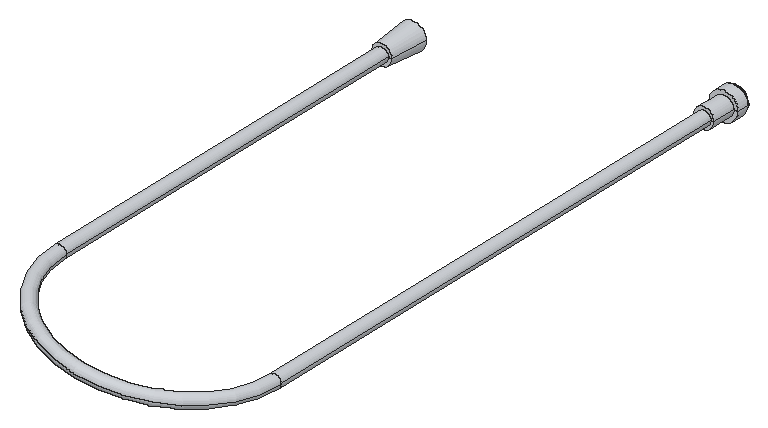
Revit family "Shower-Shower_Hose-KOHLER-K-12067BR_1", category Plumbing Fixtures, host Face, Revit 2017
Family settings
  Host = Face
  Round Connector Dimension = Use Diameter
  Part Type = Normal
  OmniClass Number = 23.31.17.00
  OmniClass Title = Showers
  Cut with Voids When Loaded = No
  Shared = No
  Room Calculation Point = No
Parameters (values of type "CP-Polished Chrome")
  Width = 1/2"  # constant formula
  WaterSense Certified = 1 = 0  # no
  Waste Water Outlet = "Waste Water Outlet"  # constant formula
  Waste Connection = 1 = 0  # no
  Vent Connection = 1 = 0  # no
  URL = "https://br.kohler.com/"
  Type = 1
  Tempered Water Supply2 = "Tempered Water Supply2"  # constant formula
  Tempered Water Supply1 = "Tempered Water Supply1"  # constant formula
  Product Page URL = "https://br.kohler.com/product-detail/12067br?skuid=K-12067BR-CP"
  Product Name = ""
  Product Documentation Link = "http://resources.kohler.com/plumbing/kohlerbrazil/pdf/K-12067BR_spec_br.pdf"
  Model = if(Type = 1, "K-12067BR-CP", if(Type = 2, "K-12067BR-BN", if(Type = 3, "K-12067BR-SN", if(Type = 4, "K-12067BR-RGD", "NA"))))  # "K-12067BR-CP"
  Material = "Premium Metal Construction"  # constant formula
  MasterFormat 2004 = "22.41.23"  # constant formula
  MasterFormat 1995 = "15410"  # constant formula
  Manufacturer Address = "Rio de Janeiro MULTIREPAROS RUA BATISTA DA COSTA, Nº 352 | STORE B Rio de Janeiro SÃO GONÇALO 24450-470"  # constant formula
  Manufacturer = "KOHLER Co."  # constant formula
  Length = 59 1/16"  # constant formula
  Hot Water Inlet = "Hot Water Inlet"  # constant formula
  Height = Length  # 59 1/16"
  HW Connection = 1 = 1  # yes
  Finish = Kohler-Metal-CP-Polished_Chrome
  Environmental Product Declaration = ""
  Drain Included = 1 = 0  # no
  Distance Between Connectors [instance] = 8"
  Description = "Metal flexible for hand shower"  # constant formula
  Default Elevation = 15"
  Declare Label = ""
  Date Modified = "09/01/2021"  # constant formula
  Date Created = "09/01/2021"  # constant formula
  Copyright = "Copyright KOHLER Co."  # constant formula
  Contact Us = "https://br.kohler.com/asr-listing"
  Connector1 Distance From Wall [instance] = 4"
  Connector2 Distance From Wall [instance] = 5 1/2"
  Connector 2 Length [instance] = 15"
  Connector 1 Length [instance] = 20"
  Cold Water Inlet = "Cold Water Inlet"  # constant formula
  CW Connection = 1 = 0  # no
  Assembly Code = "D2010700"
  ADA Compliant = 1 = 0  # no
Types (5): name | Type | Product Page URL | Model | Finish
  (no name) | 1 | "https://br.kohler.com/product-detail/12067br?skuid=K-12067BR-CP" | "K-12067BR-CP" | Kohler-Metal-CP-Polished_Chrome
  CP-Polished Chrome | 1 | "https://br.kohler.com/product-detail/12067br?skuid=K-12067BR-CP" | "K-12067BR-CP" | Kohler-Metal-CP-Polished_Chrome
  BN-Vibrant Brushed Nickel | 2 | "https://br.kohler.com/product-detail/12067br?skuid=K-12067BR-BN" | "K-12067BR-BN" | Kohler-Metal-BN-Vibrant_Brushed_Nickel
  SN-Vibrant Polished Nickel | 3 | "https://br.kohler.com/product-detail/12067br?skuid=K-12067BR-SN" | "K-12067BR-SN" | Kohler-Metal-SN-Vibrant_Polished_Nickel
  RGD-Polished Rose Gold | 4 | "https://br.kohler.com/product-detail/12067br?skuid=K-12067BR-RGD" | "K-12067BR-RGD" | Kohler-Metal-RGD-Polished_Rose_Gold
Reference planes (in)
  plane 1 "Center (Front/Back)": y = 0
  plane 2: z = 0
  plane 3 "Center (Left/Right)": x = 0
  plane 4: x = -8
  plane 5: y = 15
  plane 6: y = 20
  plane 7: y = 21.4375
  plane 8: y = 16.4375
  plane 9: z = 5.5
  plane 10: z = 4
  plane 11: x = -4
Dimensions and locks (in)
  "Connector 2 Length": plane 1 "Center (Front/Back)" to plane 5
  "Connector 1 Length": plane 1 "Center (Front/Back)" to plane 6
  "Distance Between Connectors": plane 4 to plane 3 "Center (Left/Right)"
  locked: plane 6 to plane 7 at 1.4375
  locked: plane 5 to plane 8 at 1.4375
  "Connector2 Distance From Wall": plane 9 to level
  "Connector1 Distance From Wall": plane 10 to level
  equal spacing: plane 4, plane 11, plane 3 "Center (Left/Right)"
  aligned and locked: plane 2 to host face
  aligned and locked: level to host face
Automatic sketch dimensions
  host sketch curve to host sketch curve = 96"  (x2)
Nested families (in)
  nested 1: "K-12067BR" at (0, 0, 0), Connector Length1 <- "Connector 1 Length", Connector Length2 <- "Connector 2 Length", Dist Between Connector <- "Distance Between Connectors", Dist Form Wall1 <- "Connector2 Distance From Wall", Dist Form Wall2 <- "Connector1 Distance From Wall", type "K-12067BR"
    with Dist Form Wall2 4", Dist Form Wall1 5 1/2", Dist Between Connector 8", Connector Length2 15", Connector Length1 20"
Connectors (in)
  piping at (0, 21.4375, 4), diameter 0.5, driven by "HW Connection", driven by "Tempered Water Supply1"
    settings: on nested 1, index 1, connector inside diameter 24", connector length 0", flow factor 0, pipe flow 0 GPM, pressure drop 0.00 psi, fitting loss kfactor 0, connector angle 0.00°, fixture units 0, engagement length 0", angle of deflection 0.00°, flow configuration 0, flow direction 0, fitting loss method 0, system type 19, joint type 0, gender type 0, connector reference index -1, connector utility 1, adjustable connector no, is connector primary yes, connector description "Tempered Water Supply1"
  piping at (-8, 16.4375, 5.5), diameter 0.5, driven by "HW Connection", driven by "Tempered Water Supply2"
    settings: on nested 1, index 2, connector inside diameter 24", connector length 0", flow factor 0, pipe flow 0 GPM, pressure drop 0.00 psi, fitting loss kfactor 0, connector angle 0.00°, fixture units 0, engagement length 0", angle of deflection 0.00°, flow configuration 0, flow direction 0, fitting loss method 0, system type 19, joint type 0, gender type 0, connector reference index -1, connector utility 1, adjustable connector no, is connector primary no, connector description "Tempered Water Supply2"
Definition of nested family "K-12067BR"
  Parameters (values of type "K-12067BR")
    Pipe Material = none
    Material = none
    Hose = yes
    Dist Form Wall2 [instance] = 5 1/2"
    Dist Form Wall1 [instance] = 4"
    Dist Between Connector [instance] = 6"
    Connector Length2 [instance] = 12"
    Connector Length1 [instance] = 15"
  Reference planes (in)
    plane 1 "Center (Front/Back)": y = 0
    plane 2: z = 0
    plane 3 "Center (Left/Right)": x = 0
    plane 4: y = 12
    plane 5: y = 15
    plane 6: x = -6
    plane 7 "D1": z = 4
    plane 8 "D2": z = 5.5
  Forms (in)
    Revolve 1, solid, material <- "Material"
      sketch origin (0, 0, 4) x (-1, 0, 0) y (0, -1, 0)
        loop
          line (5.625, -12) -> (5.5, -13.4375) -> (6, -13.4375) -> (6, -12) -> (5.625, -12)
        axis (6, -13.4375) -> (6, -12)
      angle from 0 to 360
    Revolve 2, solid, material <- "Material"
      sketch origin (0, 0, 5.5) x (-1, 0, 0) y (0, -1, 0)
        loop
          line (-0.375, -15) -> (-0.375, -15.90612) -> (-0.53148, -15.90612) -> (-0.53148, -16.36072) -> (-0.5, -16.36072) -> (-0.5, -16.4375) -> (0, -16.4375) -> (0, -15) -> (-0.375, -15)
        axis (0, -16.4375) -> (0, -15)
      angle from 0 to 360
    Sweep 3, solid, material <- "Material"
      path origin (0, 0, 4) x (-1, 0, 0) y (0, -1, 0)
        loop
          line (6, -12) -> (6, 0)
      profile origin (-6, 6, 4) x (1, 0, 0) y (0, 0, 1)
        loop
          circle (0, 0) r 0.25
    Sweep 4, solid, material <- "Material"
      path origin (0, 0, 5.5) x (-1, 0, 0) y (0, -1, 0)
        loop
          line (0, -15) -> (0, 0)
      profile origin (0, 7.5, 5.5) x (1, 0, 0) y (0, 0, 1)
        loop
          circle (0, 0) r 0.25
    Sweep 5, solid, material <- "Material"
      path origin (0, 0, 5.5) x (-0.970143, 0, -0.242536) y (0, -1, 0)
        loop
          arc (6.18466, 0) -> (3.09233, 3.09233) -> (0, 0) r 3.09233
      profile origin (0, 0, 5.5) x (-0.970143, 0, -0.242536) y (-0.242536, 0, 0.970143)
        loop
          circle (0, 0) r 0.25
  Cuts and joins
    joined: Sweep 3, Sweep 4, Sweep 5
  Lines and regions (in)
    reference lines
      curve 1: line (0, 0, 5.5) -> (-6, 0, 4)
  Dimensions and locks (in)
    "Connector Length2": plane 1 "Center (Front/Back)" to plane 4
    "Connector Length1": plane 5 to plane 1 "Center (Front/Back)"
    "Dist Between Connector": plane 6 to plane 3 "Center (Left/Right)"
    locked: plane 6 to Revolve 1 sketch curve at 0.375
    locked: plane 3 "Center (Left/Right)" to Revolve 2 sketch curve at 0.5
    locked: plane 3 "Center (Left/Right)" to Revolve 2 sketch curve at 0.375
    "Dist Form Wall1": plane 7 "D1" to level
    "Dist Form Wall2": plane 8 "D2" to level
    locked: Revolve 2 sketch curve to Revolve 2 sketch curve at 1.4375
    locked: Revolve 1 sketch curve to Revolve 1 sketch curve at 1.4375
    locked: plane 6 to Revolve 1 sketch curve at 0.5
    aligned and locked: plane 2 to level
    aligned and locked: Revolve 1 sketch curve to plane 6
    aligned and locked: plane 6 to Revolve 1 sketch curve
    aligned and locked: Revolve 1 sketch curve to plane 4
    aligned and locked: plane 3 "Center (Left/Right)" to Revolve 2 sketch curve
    aligned and locked: Revolve 2 sketch curve to plane 3 "Center (Left/Right)"
    aligned and locked: plane 5 to Revolve 2 sketch curve
    aligned and locked: plane 6 to Sweep 3 sketch curve
    aligned and locked: plane 4 to Sweep 3 sketch curve
    aligned and locked: plane 1 "Center (Front/Back)" to Sweep 3 sketch curve
    aligned and locked: Sweep 4 sketch curve to plane 3 "Center (Left/Right)"
    aligned and locked: plane 5 to Sweep 4 sketch curve
    aligned and locked: plane 1 "Center (Front/Back)" to Sweep 4 sketch curve
    aligned and locked: plane 8 "D2" to curve 1
    aligned and locked: plane 3 "Center (Left/Right)" to curve 1
    aligned and locked: plane 6 to curve 1
    aligned and locked: plane 7 "D1" to curve 1
    aligned and locked: Sweep 5 sketch curve to Sweep 4
  Automatic sketch dimensions
    Sweep 3 sketch curve to plane 7 "D1" = 0"
    profile plane to Sweep 3 sketch curve = 0"
    Sweep 4 sketch curve to plane 8 "D2" = 0"
    profile plane to Sweep 4 sketch curve = 0"
    Sweep 5 sketch curve to curve 1 = 0"  (x3)
    Revolve 1 sketch curve to Revolve 1 sketch curve = 0.45153"
    plane 4 to Revolve 1 sketch curve = 0.13902"
    Revolve 2 sketch curve to Revolve 2 sketch curve = 0.4546"  (x2)
    Revolve 2 sketch curve to plane 5 = 0.13902"
    Revolve 2 sketch curve to Revolve 2 sketch curve = 0.03148"
    Revolve 2 sketch curve to Revolve 2 sketch curve = 0.07678"
    radius of Sweep 3 sketch curve = 1/4"
    radius of Sweep 4 sketch curve = 1/4"
